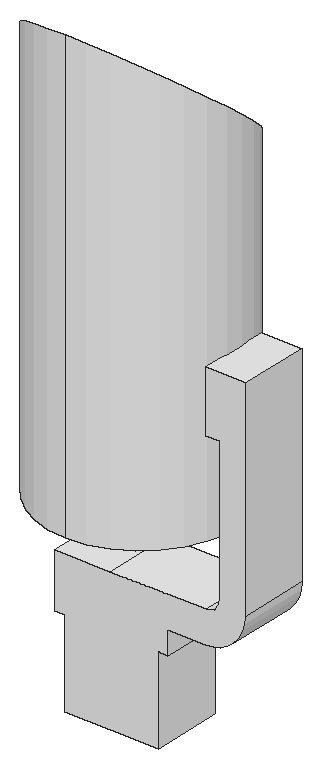
Revit family "Lighting-Accent-Amerlux-SPEQ-S-KWW", category Lighting Fixtures, host Face, Revit 2020
Family settings
  Host = Face
  Round Connector Dimension = Use Diameter
  Part Type = Normal
  Cut with Voids When Loaded = No
  Light Source = No
  Shared = No
  Room Calculation Point = No
Parameters (values of type "SPEQ")
  Width = 2 3/4"
  Voltage = 0 V
  Power Factor = 1
  Number of Poles = 1
  Material = Silver Finish
  Lamp = "LED"
  Input Wattage = ""
  URL = "http://www.amerlux.com"
  Model = "SPEQ-S-KWW"
  Manufacturer = "Amerlux"
  Keynote = ""
  Finish = ""
  Description = "Accent Lighting"
  Default Elevation = 48"
  Assembly Code = ""
  Apparent Load = 0 VA
Reference planes (in)
  plane 1 "Center (Front/Back)": y = 2.0081
  plane 2: z = -2.06381
  plane 3 "Center (Left/Right)": x = 0.98464
  plane 4: z = 4.16021
  plane 5: x = -0.39036
  plane 6: x = 2.35964
  plane 7: y = 3.3831
  plane 8: y = 0.6331
  plane 9: z = 4.66021
Forms (in)
  Extrusion 1, solid, material "Silver Finish" <- "Material"
    sketch origin (-1.09309, 2.57314, 2.04461) x (-1, 0, 0) y (0, 0, 1)
      loop
        line (-3.95896, 3.13113) -> (-3.95896, 0.09375)
        arc (-3.95896, 0.09375) -> (-3.79029, -0.31344) -> (-3.3831, -0.48211) r 0.57586
        line (-3.3831, -0.48211) -> (-2.82773, -0.48211) -> (-2.82773, -0.81162) -> (-2.69848, -0.81162) -> (-2.69848, -2.06381) -> (-2.0081, -2.06381) -> (-1.34137, -2.06381) -> (-1.34137, -0.81162) -> (-1.18551, -0.81162) -> (-1.18551, -0.01296) -> (-1.99142, -0.01296) -> (-3.3831, -0.01296)
        arc (-3.3831, -0.01296) -> (-3.51993, 0.04372) -> (-3.57661, 0.18055) r 0.19351
        line (-3.57661, 0.18055) -> (-3.57661, 2.23712) -> (-3.3831, 2.23712) -> (-3.3831, 3.13113) -> (-3.95896, 3.13113)
    from -1.0754 to -0.06505
Dimensions and locks (in)
  equal spacing: plane 6, plane 3 "Center (Left/Right)", plane 5
  "Width": plane 6 to plane 5
  equal spacing: plane 7, plane 1 "Center (Front/Back)", plane 8
  "Width": plane 7 to plane 8
  locked: plane 9 to level at 4.66021
  locked: plane 4 to level at 4.16021
  aligned and locked: plane 2 to host face
Automatic sketch dimensions
  host sketch curve to host sketch curve = 21.49768"
  host sketch curve to host sketch curve = 12.39607"
  plane 6 to Extrusion 1 sketch curve = 0.50623"
  plane 6 to Extrusion 1 sketch curve = 0.12388"
  Extrusion 1 sketch curve to Extrusion 1 sketch curve = 0.19351"  (x2)
  Extrusion 1 sketch curve to Extrusion 1 sketch curve = 0"
  Extrusion 1 sketch curve to plane 3 "Center (Left/Right)" = 3/4"
  Extrusion 1 sketch curve to plane 3 "Center (Left/Right)" = 0.62075"
  Extrusion 1 sketch curve to level = 0.0192"
  plane 3 "Center (Left/Right)" to Extrusion 1 sketch curve = 0.06963"
  plane 3 "Center (Left/Right)" to Extrusion 1 sketch curve = 0.08631"
  plane 5 to Extrusion 1 sketch curve = 0.63864"
  plane 5 to Extrusion 1 sketch curve = 0.48279"
  level to Extrusion 1 sketch curve = 1.23299"  (x2)
  Extrusion 1 sketch curve to Extrusion 1 sketch curve = 0.32951"
  Extrusion 1 sketch curve to Extrusion 1 sketch curve = 0.10671"
  plane 4 to Extrusion 1 sketch curve = 0.12152"
  plane 9 to Extrusion 1 sketch curve = 0.51553"
Nested families (in)
  nested 1: "Track Head" at (0.92214, 2.5081, 6.125) x (-1, 0, 0) z (0, 1, 0), type "Track Head"
Connectors (in)
  electrical at (1.2602, 2.00292, -0.0192), driven by "Number of Poles", driven by "Voltage", driven by "Apparent Load", driven by "Power Factor"
    settings: on Extrusion 1, index 1, voltage 0 V, apparent load 0 VA, apparent load phase1 0 VA, apparent load phase2 0 VA, apparent load phase3 0 VA, power factor 1, load classification "Other", number of poles 1, system type 31, power factor state 1, is connector primary yes, connector utility no, sub classification motor no, connector description ""
Definition of nested family "Track Head"
  Parameters (values of type "Track Head")
    Wattage = 9.2903 W
    built-in parameter 1150110 = 1 (stored number, unit not read)
    built-in parameter 1114217 = 1 (stored number, unit not read)
    Tilt Angle = 90.00°
    built-in parameter 1150109 = 1 (stored number, unit not read)
    built-in parameter 1150134 = 3
    built-in parameter 1150113 = 1 (stored number, unit not read)
    Photometric Web File = "Load File"
    built-in parameter 1150142 = (empty or 0)
    built-in parameter 1150105 = 109.82 (stored number, unit not read)
    Lumens = 1380 lm
    built-in parameter 1150115 = 1 (stored number, unit not read)
    built-in parameter 1150137 = (empty or 0)
    built-in parameter 1150139 = (empty or 0)
    Length = 6 9/16"
    Material = none
    built-in parameter 1150112 = 1 (stored number, unit not read)
    built-in parameter 1150114 = 1 (stored number, unit not read)
    built-in parameter 1150132 = (empty or 0)
    built-in parameter 1150102 = (empty or 0)
    built-in parameter 1150107 = 3200 (stored number, unit not read)
    built-in parameter 1150138 = (empty or 0)
    built-in parameter 1150106 = 1.0982 (stored number, unit not read)
    Emit from Circle Diameter = 2"
    Emit Shape Visible in Rendering = no
    built-in parameter 1150104 = 13.8 (stored number, unit not read)
    Dimming Lamp Color Temperature Shift = (empty or 0)
    Default Elevation = 48"
    Color Filter = 16777215
    built-in parameter 1114218 = 1 (stored number, unit not read)
    built-in parameter 1150133 = 10 (stored number, unit not read)
    Assembly Code = ""
  Reference planes (in)
    plane 1 "Center (Front/Back)": y = 0
    plane 2: z = 0
    plane 3 "Center (Left/Right)": x = 0
    plane 4: z = -0.62068
    plane 5: y = 3.28125
    plane 6: y = -3.28125
    plane 7: z = 0.4034
    plane 8: y = 1.03125
  Forms (in)
    Extrusion 1, solid
      sketch origin (0, 0, 0) x (1, 0, 0) y (0, 1, 0)
        loop
          line (-48, 48) -> (-48, -48) -> (48, -48) -> (48, 48) -> (-48, 48)
      from 0 to -0.80444
    Revolve 2, solid, material <- "Material"
      sketch origin (0, 0, -3.25) x (0, 1, 0) y (0, 0, 1)
        loop
          line (-3.28125, 4.14766) -> (-3.28125, 2.77266) -> (3.25517, 2.77266) -> (3.25517, 4.14766) -> (-3.28125, 4.14766)
        axis (-3.28125, 2.77266) -> (3.25517, 2.77266)
      angle from 0 to 360
    Extrusion 3, void
      sketch origin (0, 0, 0.5) x (0, 1, 0) y (0, 0, 1)
        loop
          line (3.25517, -2.35234) -> (3.25517, 0.4034) -> (1.03125, 0.4034) -> (3.25517, -2.35234)
      from -1.67064 to 2.46201
  Cuts and joins
    Extrusion 3 cuts Revolve 2
  Dimensions and locks (in)
    equal spacing: plane 5, plane 1 "Center (Front/Back)", plane 6
    "Length": plane 5 to plane 6
    aligned and locked: plane 2 to Extrusion 1
    aligned and locked: level to Extrusion 1
    aligned and locked: Revolve 2 sketch curve to Revolve 2 sketch curve
  Automatic sketch dimensions
    Extrusion 1 sketch curve to Extrusion 1 sketch curve = 96"  (x2)
    Revolve 2 sketch curve to plane 6 = 0"
    plane 5 to Revolve 2 sketch curve = 0.02608"
    plane 4 to Revolve 2 sketch curve = 0.14334"
    plane 7 to Revolve 2 sketch curve = 0.49426"
    Revolve 2 sketch curve to Revolve 2 sketch curve = 5.73878"
    Revolve 2 sketch curve to Revolve 2 sketch curve = 7.04742"
    plane 7 to Extrusion 3 sketch curve = 1/2"
    Extrusion 3 sketch curve to plane 8 = 0"
    plane 5 to Extrusion 3 sketch curve = 0.02608"
    Extrusion 3 sketch curve to level = 1.85234"
